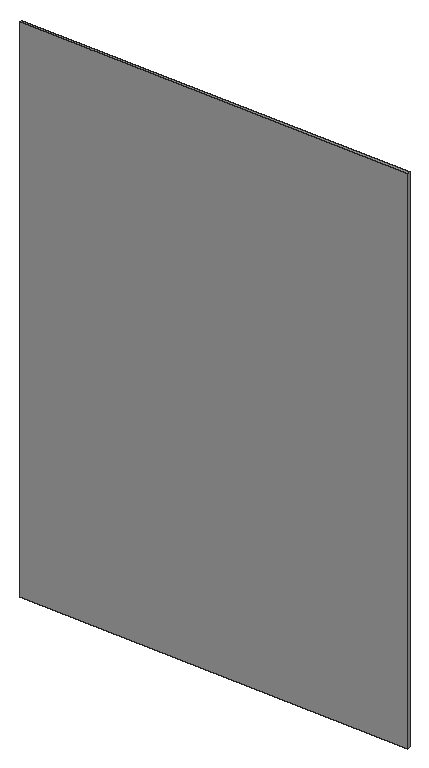
Revit family "Steni - Panel - Nature Type F", category Generic Models, Revit 2014
Parameters (values of type "SN 315")
  Youtube clip = ""
  Width [instance] = 900 mm
  Weight Net (kg) = "Apprx. 12 Kg/m²"
  Water Absorbtion After 28 days = "<1.5 %"
  WarrantyStartDate = ""
  WarrantyDuration = ""
  Uniclass 2.0 Description = ""
  Uniclass 2.0 Code = ""
  Uniclass 1.4 Description = "Facades and roofs"
  Uniclass 1.4 Code = "L381"
  URL = "http://steni.bimobject.com/sn315"
  UNSPC code = 301518
  UNSPC Category = "Siding and exterior wall materials"
  TypeName = ""
  Type Of Aggregate = "SEE SPEC."
  Thickness 2 = "Apprx. 6.5 ,mm"
  Optimization Group [instance] = ""
  IsVerticalLath [instance] = yes
  Height [instance] = 1195 mm
  Drilling Code [instance] = ""
  Depth [instance] = 6.5 mm  # constant formula
  Tensile Strength = "15 N/mm²"
  Temperature Expansion (-20° +65°) = "0.021 mm/m°C"
  Technical description = "http://steni.no/resources/pdf/fdv-dokumenter/nature/Teknisk_data_nature_F_2011.pdf"
  TagNumber = ""
  Standard Width = 1195 mm  # constant formula
  Standard Length = 3500 mm  # constant formula
  Size Of Aggregate Particle = "1-3mm"
  Size = ""
  SerialNumber = ""
  Riverse Side = "PLANE"
  Product identifier = ""
  Product group = "Fine"
  Product family = "Steni Nature"
  Product data url = "http://steni.com/en/pro/products/exterior/steni_nature"
  Product certification = "http://steni.co.uk/uk/resources/pdf/approvals/Approvals-STENI_AA000_EN_1015.pdf"
  Product SKU = "SN315"
  Penetration Of Water Vapour = "3,3 X 10-12 Kg/m²sPa"
  NominalWidth = "3500"
  NominalHeight = "1195"
  No Damage = "300 CYCLE"
  Name of the object = "Steni - Panel - Nature Type F"
  NBS Reference Description = ""
  NBS Reference = ""
  Model = "Steni - Panel - Nature Type F"
  Material main = Steni - Nature SN315
  Material = ""
  Manufacturer country = "Norway"
  Manufacturer URL = "www.steni.com"
  Manufacturer = "Steni"
  InstallationDate = ""
  Installation instructions = "http://steni.com/en/pro/documentation/fixing-system"
  Impermeability = "100%"
  Impact Strength = "20 KJ / m 2"
  IFC Classification = "Covering"
  Humidity Altered Dimension = "5.2 X 106 m/m x%RF"
  Heat Resistance = "0.0074 m²°C/W"
  Heat Conductivity = "0.55 W/m°C"
  Hardness Of Aggregate = "SEE SPEC."
  Grade = ""
  Flexural Strength = "40 MPa"
  Finish = ""
  Features = ""
  Extidentifier = ""
  Elasticity Module = "5000 MPa"
  Edition number = "1"
  Edge Straightness Full Size = "1 mm"
  EAN code = ""
  Drilling Distance Tolerance = "± 5 mm"
  Diagonal Deviation = "3 mm"
  Design country = "Norway"
  Density = "Apprx. 2000 Kg/m³"
  Date of publishing = ""
  Created on = ""
  Created by = ""
  ConnectionType = ""
  Colour = ""
  COBIe Type Category = ""
  Barcode = ""
  BIMobject QR code url = "http://steni.bimobject.com/sn315"
  BIMobject Category = "Cladding"
  AssetIdentifier = ""
  Article Number = ""
  Allowable Variation = "± 2 mm"
  AccessibilityPerformance = ""
Types (5, lengths in mm): name | URL | Product SKU | Material main | BIMobject QR code url
  SN 315 | "http://steni.bimobject.com/sn315" | "SN315" | Steni - Nature SN315 | "http://steni.bimobject.com/sn315"
  SN 140 | "http://steni.bimobject.com/sn140" | "SN140" | Steni - Nature SN140 | "http://steni.bimobject.com/sn140"
  SN 117 | "http://steni.bimobject.com/sn117" | "SN117" | Steni - Nature SN117 | "http://steni.bimobject.com/sn117"
  SN 106 | "http://steni.bimobject.com/sn106" | "SN106" | Steni - Nature SN106 | "http://steni.bimobject.com/sn106"
  SN 100 | "http://steni.bimobject.com/sn100" | "SN100" | Steni - Nature SN100 | "http://steni.bimobject.com/sn100"
Reference planes
  plane 1 "Center (Front/Back)": y = 0
  plane 2: z = 0
  plane 3 "Center (Left/Right)": x = 0
  plane 4: z = 1195
Forms (mm)
  Extrusion 1, solid, material "Steni - Nature SN315" <- "Material main"
    sketch origin (0, 0, 0) x (1, 0, 0) y (0, 1, 0)
      loop
        line (0, -6.5) -> (900, -6.5) -> (900, 0) -> (0, 0) -> (0, -6.5)
    from 0 to 1195
Dimensions and locks
  "Depth": Extrusion 1 sketch curve to Extrusion 1 sketch curve
  "Width": Extrusion 1 sketch curve to Extrusion 1 sketch curve
  "Height": plane 4 to level
  aligned and locked: level to plane 2
  aligned and locked: Extrusion 1 to level
  aligned and locked: Extrusion 1 to plane 4
  aligned and locked: plane 3 "Center (Left/Right)" to Extrusion 1 sketch curve
  aligned and locked: plane 1 "Center (Front/Back)" to Extrusion 1 sketch curve
